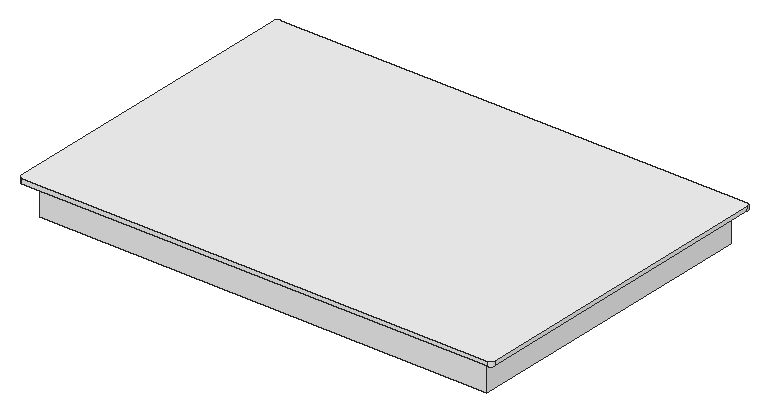
Revit family "Qf_Summit_SINC4B302W_30 inches 208-240V 4-Zone Induction Cooktop", category Specialty Equipment, Revit 2020 (continued)
Automatic sketch dimensions
  curve 58 to curve 59 = 0.09267"
  curve 32 to curve 56 = 0.45825"
  curve 49 to curve 48 = 0.09262"
  plane 10 to curve 53 = 1.21121"
  curve 59 to curve 53 = 0.10895"
  curve 53 to curve 53 = 0.10738"
  curve 30 to curve 55 = 0.0303"
  curve 39 to curve 46 = 1.67764"
  curve 61 to curve 51 = 2.53102"
  plane 6 "Center Y" to curve 47 = 2 213/256"
  curve 56 to curve 32 = 0.00263"
  plane 10 to curve 57 = 2.46365"
  curve 55 to curve 30 = 0.07012"
  curve 37 to curve 45 = 0"
  curve 52 to curve 53 = 0.00035"
  curve 54 to curve 22 = 0.06408"
  curve 45 to curve 58 = 0.1874"
  curve 58 to curve 59 = 0.0022"
  curve 59 to curve 48 = 0.14591"
  curve 48 to curve 49 = 0.03902"
  curve 48 to curve 52 = 0.25469"
  curve 47 to plane 8 "BACK" = 1.48687"
  curve 39 to curve 46 = 0.34575"
  curve 50 to plane 8 "BACK" = 5.09104"
  curve 51 to curve 37 = 2.92336"
  curve 37 to curve 61 = 0.00503"
  curve 58 to curve 60 = 0.02575"
  curve 45 to curve 61 = 0.11194"
  curve 60 to curve 58 = 0.00666"
  curve 45 to curve 46 = 0.12199"
  curve 59 to curve 58 = 0.02078"
  curve 61 to curve 57 = 0.05436"
  curve 48 to curve 48 = 0.02924"
  curve 49 to curve 48 = 0.01482"
  curve 48 to curve 49 = 0.00825"
  curve 55 to curve 53 = 0.04614"
  plane 13 to curve 65 = 0.33699"
  curve 52 to curve 62 = 0.05865"
  curve 63 to curve 46 = 0.35178"
  curve 66 to curve 14 = 1.12216"
  plane 10 to curve 64 = 1.45293"
  curve 64 to plane 3 "RIGHT" = 412.22034"
  curve 17 to curve 65 = 0.67544"
  curve 52 to curve 62 = 0.00304"
  plane 10 to curve 66 = 0.70035"
  curve 62 to curve 52 = 0.06749"
  curve 63 to curve 46 = 0.22276"
  curve 62 to curve 65 = 0.00053"
  curve 55 to curve 63 = 0.00184"
  plane 10 to curve 75 = 0.81187"
  curve 65 to curve 75 = 0.05121"
  plane 10 to curve 75 = 0.84336"
  curve 75 to curve 75 = 0.12176"
  curve 63 to curve 67 = 0.17428"
  curve 67 to curve 70 = 0.12668"
  plane 10 to curve 71 = 0.90867"
  curve 70 to curve 71 = 0.12609"
  curve 73 to plane 6 "Center Y" = 5.44232"
  plane 10 to curve 72 = 0.84864"
  curve 72 to plane 3 "RIGHT" = 8.71273"
  plane 10 to curve 74 = 0.75445"
  curve 72 to curve 74 = 79.51374"
  curve 69 to curve 63 = 0.00056"
  curve 68 to curve 68 = 0.00021"
  curve 68 to curve 70 = 0.16618"
  curve 71 to curve 71 = 0.03238"
  curve 15 to curve 73 = 4.67539"
  curve 65 to curve 74 = 0.05122"
  curve 77 to curve 33 = 1.642"
  curve 77 to curve 33 = 1.48618"
  curve 10 to curve 77 = 2.43252"
  curve 76 to curve 78 = 0"  (x2)
  curve 78 to curve 76 = 0.19062"
  curve 76 to curve 80 = 0"  (x2)
  curve 81 to curve 78 = 0.05005"
  curve 76 to curve 82 = 0"  (x2)
  curve 82 to curve 76 = 0.05317"
  curve 20 to curve 85 = 1.48902"
  curve 85 to plane 7 "Center X" = 2 3/4"
  plane 13 to curve 84 = 2.81165"
  curve 87 to curve 84 = 0"
  curve 84 to curve 87 = 0.03181"
  curve 87 to curve 84 = 0.06415"
  curve 84 to curve 88 = 0"  (x2)
  curve 89 to curve 87 = 0.2475"
  curve 84 to curve 90 = 0"  (x2)
  curve 88 to curve 90 = 0.05464"
  plane 12 to curve 93 = 6 7/8"
  curve 93 to plane 7 "Center X" = 3 3/4"
  curve 93 to curve 92 = 3 1/8"
  curve 92 to curve 94 = 0"  (x2)
  curve 92 to curve 94 = 0.05005"
  curve 92 to curve 96 = 0"  (x2)
  curve 94 to curve 97 = 0.13745"
  curve 92 to curve 98 = 0"  (x2)
  curve 97 to curve 99 = 0.05317"
  plane 12 to curve 100 = 6 7/8"
  plane 7 "Center X" to curve 101 = 4.71819"
  plane 6 "Center Y" to curve 101 = 3 5/8"
  curve 102 to curve 100 = 0"
  curve 100 to curve 103 = 0.03181"
  curve 100 to curve 103 = 0.05464"
  curve 102 to curve 104 = 0"  (x2)
  curve 102 to curve 105 = 0.25701"
  curve 106 to curve 104 = 0"
  curve 104 to curve 106 = 0.03181"
  curve 107 to curve 104 = 0.06415"
  curve 109 to plane 6 "Center Y" = 1 5/8"
  plane 6 "Center Y" to curve 108 = 1 3/8"
  plane 11 to curve 111 = 13/16"
  curve 109 to curve 109 = 0.11391"
  curve 110 to curve 111 = 45/128"
  plane 11 to curve 112 = 13/16"
  curve 112 to curve 109 = 2 3/8"
  curve 112 to curve 113 = 0.0105"
  curve 116 to curve 117 = 0.00951"
  curve 112 to curve 115 = 0"  (x2)
  curve 114 to curve 118 = 0"  (x2)
  curve 118 to curve 115 = 0.00107"
  curve 118 to curve 115 = 0.00024"
  curve 116 to curve 113 = 0.37393"
  curve 117 to curve 112 = 0.02355"
  curve 115 to curve 121 = 5/8"
  curve 115 to curve 120 = 0"
  curve 115 to curve 120 = 1/4"
  curve 120 to curve 122 = 0"  (x2)
  curve 120 to curve 122 = 0.03306"
  curve 125 to curve 120 = 0.00107"
  curve 125 to curve 120 = 0.00024"
  curve 121 to curve 125 = 0.00951"
  curve 124 to curve 126 = 0"  (x2)
  curve 123 to curve 126 = 0.0105"
  curve 121 to curve 128 = 0.10204"
  curve 121 to curve 129 = 1.13275"
  curve 129 to curve 128 = 0.14044"
  curve 131 to curve 128 = 0.00094"
  curve 130 to curve 128 = 0.00047"
  curve 128 to curve 130 = 0.00844"
  curve 128 to curve 133 = 0.14472"
  curve 128 to curve 132 = 0.00486"
  curve 133 to curve 132 = 0.36076"
  curve 135 to curve 132 = 0"
  curve 135 to curve 132 = 0.00102"
  curve 134 to curve 131 = 0.22934"
  curve 135 to curve 136 = 0.73475"
  curve 137 to curve 135 = 0.14932"
  curve 137 to curve 136 = 0.13153"
  curve 139 to curve 136 = 0.00094"
  curve 136 to curve 139 = 0.00047"
  curve 139 to curve 136 = 0.00985"
  curve 138 to curve 141 = 0.00899"
  curve 138 to curve 141 = 0.15384"
  curve 141 to curve 138 = 0.07088"
  curve 143 to curve 140 = 0"
  curve 142 to curve 140 = 0.00102"
  curve 143 to curve 140 = 0.01424"
  curve 149 to curve 108 = 0.24499"
  curve 108 to curve 149 = 0.68083"
  curve 149 to curve 148 = 0.36076"
  curve 151 to curve 148 = 0"
  curve 151 to curve 148 = 0.00102"
  curve 151 to curve 149 = 0.01424"
  curve 148 to curve 153 = 0.14472"
  curve 148 to curve 152 = 0.13558"
  curve 148 to curve 153 = 0.00428"
  curve 152 to curve 155 = 0.00094"
  curve 155 to curve 152 = 0.00047"
  curve 153 to curve 154 = 0.00985"
  curve 151 to curve 157 = 7/8"
  curve 156 to curve 151 = 0.03023"
  curve 156 to curve 156 = 0.36076"
  curve 159 to curve 156 = 0"
  curve 158 to curve 156 = 0.00102"
  curve 158 to curve 156 = 0.01424"
  curve 158 to curve 160 = 0.13146"
  curve 160 to curve 158 = 0.15741"
  curve 161 to curve 160 = 0.13153"
  curve 162 to curve 160 = 0.00094"
  curve 160 to curve 163 = 0.00047"
  curve 162 to curve 160 = 0.00985"
  curve 163 to curve 164 = 0.34795"
  plane 11 to curve 165 = 0.81226"
  curve 164 to curve 164 = 0.33037"
  curve 164 to curve 166 = 0.00107"
  curve 164 to curve 167 = 0.00024"
  curve 167 to curve 164 = 0.0105"
  curve 166 to curve 168 = 0"  (x2)
  curve 168 to curve 166 = 0.03306"
  curve 164 to curve 170 = 0"  (x2)
  curve 168 to curve 171 = 0.00951"
  curve 168 to curve 172 = 0.62393"
  curve 173 to curve 168 = 0.00024"
  curve 168 to curve 172 = 0.26369"
  curve 172 to curve 174 = 0.00107"
  curve 172 to curve 174 = 0.00024"
  curve 174 to curve 173 = 0.01369"
  curve 174 to curve 176 = 0"  (x2)
  curve 172 to curve 176 = 0.14875"
  curve 172 to curve 178 = 0"  (x2)
  curve 178 to curve 176 = 0.02047"
  radius of Split face 1 sketch curve = 4 1/8"
  radius of Split face 2 sketch curve = 4 1/8"
  radius of Split face 3 sketch curve = 3 1/8"
  radius of Split face 4 sketch curve = 3 1/8"
  radius of Split face 8 sketch curve = 3.07495"
  radius of Split face 9 sketch curve = 2.88432"
  radius of Split face 10 sketch curve = 4.07036"
  radius of Split face 11 sketch curve = 3.8775"
  radius of Split face 12 sketch curve = 3.07495"
  radius of Split face 13 sketch curve = 2 15/16"
  radius of Split face 14 sketch curve = 2 15/16"
  radius of Split face 15 sketch curve = 2.88432"
  radius of Split face 16 sketch curve = 4.07036"
  radius of Split face 17 sketch curve = 3.81335"
  radius of Split face 18 sketch curve = 3.81335"
  radius of Split face 19 sketch curve = 3.8775"
  radius of Split face 20 sketch curve = 3/8"
  radius of Split face 21 sketch curve = 3/8"
  radius of Split face 22 sketch curve = 3/8"
  radius of Split face 23 sketch curve = 3/8"
  radius of Split face 24 sketch curve = 0.21256"
  radius of Split face 25 sketch curve = 0.34194"
  radius of Split face 26 sketch curve = 0.14044"
  radius of Split face 27 sketch curve = 0.13153"
  radius of Split face 28 sketch curve = 0.36076"
  radius of Split face 29 sketch curve = 0.14044"
  radius of Split face 30 sketch curve = 0.13153"
  radius of Split face 31 sketch curve = 0.36076"
  radius of Split face 32 sketch curve = 0.33037"
  radius of Split face 33 sketch curve = 0.36442"
  radius of Split face 34 sketch curve = 0.23196"
  radius of Split face 35 sketch curve = 0.36024"
  radius of Split face 36 sketch curve = 3/8"
  radius of Split face 37 sketch curve = 0.34194"
  radius of Split face 38 sketch curve = 0.33037"
  radius of Split face 39 sketch curve = 0.36442"
  radius of Split face 40 sketch curve = 3/8"
  radius of Split face 41 sketch curve = 0.34194"
  radius of Split face 42 sketch curve = 0.33037"
  radius of Split face 43 sketch curve = 0.36442"
  radius of Extrusion 3 sketch curve = 1/4"
  radius of Split face 44 sketch curve = 3/8"
  radius of Split face 45 sketch curve = 0.14044"
  radius of Split face 46 sketch curve = 0.13153"
  radius of Split face 47 sketch curve = 0.36076"
  radius of Split face 48 sketch curve = 3/8"
  radius of Split face 49 sketch curve = 0.14044"
  radius of Split face 50 sketch curve = 0.13153"
  radius of Split face 51 sketch curve = 0.36076"
Connectors (in)
  electrical at (15, -0.75, 0.94088), driven by "Volts", driven by "Apparent Power"
    settings: on cut or joined group of Extrusion 2, Extrusion 3, index 1, voltage 240 V, apparent load 0 VA, apparent load phase1 828 VA, apparent load phase2 0 VA, apparent load phase3 0 VA, power factor 1, load classification "Other", number of poles 1, system type 31, power factor state 1, is connector primary yes, connector utility no, sub classification motor no, connector description "Electrical Inlet"
